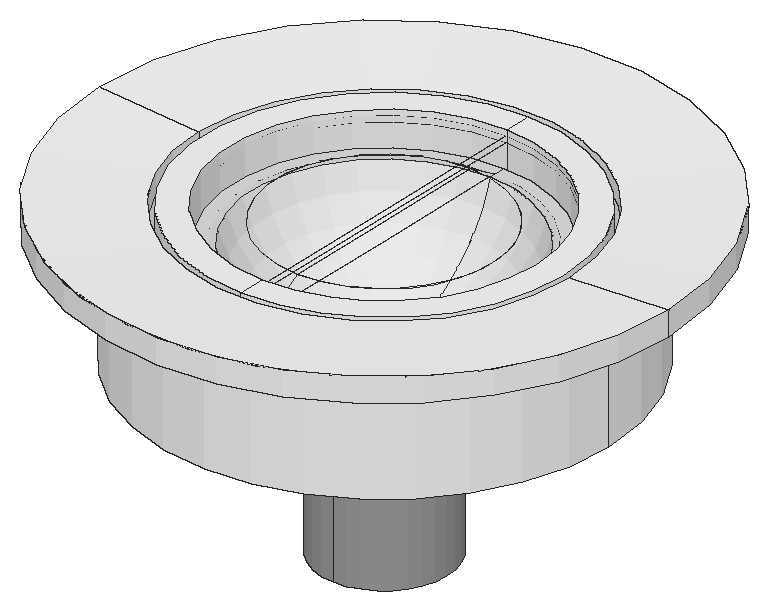
Revit family "3001764 Sylvania Lighting Fixture INS TR IP44 REFLED ES50 36° WH WW DIM", category Lighting Fixtures, host Face, Revit 2016
Family settings
  Host = Face
  Part Type = Normal
  Round Connector Dimension = Use Diameter
  OmniClass Number = 23.80.70.00
  OmniClass Title = Lighting
  Cut with Voids When Loaded = No
  Light Source = No
  Shared = No
  Room Calculation Point = No
Parameters (values of type "3001764 INS TR IP44 REFLED ES50 36° WH WW DIM")
  Weight = "6.72 kg"
  Wattage Comments = ""
  WarrantyStartDate [instance] = "n/a"
  WarrantyGuarantorParts = "n/a"
  WarrantyDurationUnit = "n/a"
  WarrantyDurationParts = "n/a"
  WarrantyDescription = "n/a"
  Voltage = 230 V
  URL = "http://www.sylvania-lighting.com"
  TypeName = "INS TR IP44 REFLED ES50 36° WH WW DIM"
  TypeHead_SYL = Inset Adjustable Head : 3001764 INS TR IP44 REFLED ES50 36° WH WW DIM
  Type Image = <None>
  Type Comments = "n/a"
  TiltAngle_SYL [instance] = 0.00°
  SerialNumber [instance] = "n/a"
  RadiusTrimIn_SYL = if(IP44Version_SYL, 31 mm, 28.5 mm)  # 31 mm
  Material_3_FEILO = none
  PowerFactor = 0
  PowerConsumption = "6 W"
  NominalLength = 95 mm
  NominalHeight = 100 mm
  NominalDepth = 95 mm
  Name = "INS TR IP44 REFLED ES50 36° WH WW DIM"
  ModelReference = Name  # "INS TR IP44 REFLED ES50 36° WH WW DIM"
  ModelNumber = "3001764"
  Model = Name  # "INS TR IP44 REFLED ES50 36° WH WW DIM"
  Material = "aluminium housing, plastic diffuser"
  ManufacturerName = "Feilo Sylvania"
  Manufacturer = "Feilo Sylvania"
  LuminousEfficacy = "57.5 lm/W"
  LuminaireType = ""
  LightOutputRatio = "100"
  LampsType = Lamp  # "LED"
  LampNominalLuminous = "345 lm"
  LampMacAdamStep = "n/a"
  LampColourTemperature = "3000 K"
  LampColourRenderingIndex = "80"
  Lamp = "LED"
  IP44Version_SYL = yes
  Keynote = "16500"
  InstallationDate [instance] = "n/a"
  InputVoltage = "220-240V~"
  InputNominalFrequency = "n/a"
  IngressProtection = "IP20/44"
  ImpactProtectionIndex = "IK02"
  IfcExportType = "IfcLightFixtureType"
  IfcExportAs = "IfcLightFixtureType"
  HeightTrim_SYL = if(IP44Version_SYL, 4 mm, 2.5 mm)  # 4 mm
  ExpectedLife = 50000
  EndAngle_SYL [instance] = TiltAngle_SYL + 180.00°  # 180.00°
  ElectricShockClassification = "n/a"
  DurationUnit = "hours"
  DocumentationLiterature = "http://www.sylvania-lighting.com/product/en-int/products/3001764"
  DimmingControlOptions = "Dimmable"
  Material_2_FEILO = none
  RadiusTrim_SYL = if(IP44Version_SYL, 47.5 mm, 41.5 mm)  # 47.5 mm
  Description = ""
  Default Elevation = 1219.2 mm
  CreatedOn = "6/19/2018"
  CreatedBy = "aron.fodor@sylvania-lighting.com"
  Cost = 0
  built-in parameter 1114216 [instance] = (empty or 0)
  ClassificationValue = "EF_70_80"
  ClassificationName = "Uniclass2015"
  Material_1_FEILO = Body-Sylvania-Inset-White
  BarCode [instance] = "n/a"
  AssetType = "Fixed"
  AssetIdentifier [instance] = "n/a"
  Assembly Code = "D5020200"
  Apparent Load = 6 VA
  Material_4_FEILO = none
Reference planes
  plane 1 "Center (Front/Back)": y = 0
  plane 2: z = 0
  plane 3 "Center (Left/Right)": x = 0
  plane 4: x = -31
  plane 5: x = -37.5
  plane 6: z = -150
  plane 7: x = -47.5
  plane 8: z = 4
  plane 9: z = -20
  plane 10: x = -34.5
  plane 11: z = -3.5
  plane 12: z = 3
Forms (mm)
  Revolve 1, void
    sketch origin (0, 0, 0) x (1, 0, 0) y (0, 0, 1)
      loop
        line (0, 0) -> (-37.5, 0) -> (-37.5, -150) -> (0, -150) -> (0, 0)
      axis (0, 0) -> (0, -150)
    angle from 360 to 0
  Revolve 2, solid, material "Body-Sylvania-Inset-White" <- "Material_1_FEILO"
    sketch origin (0, 0, 0) x (1, 0, 0) y (0, 0, 1)
      loop
        line (-31, 3) -> (-47.5, 4) -> (-47.5, 0) -> (-37.5, 0) -> (-37.5, -20) -> (-34.5, -20) -> (-34.5, 0) -> (-31, 0) -> (-31, 3)
      axis (0, 4) -> (0, -20)
    angle from 360 to 0
  Revolve 3, solid, not visible
    sketch origin (1223.4, -4572, -3.5) x (0, -1, 0) y (1, 0, 0)
      loop
        line (-4572, -1223.4) -> (-4578.789, -1223.4) -> (-4578.789, -1240.239) -> (-4572, -1240.239) -> (-4572, -1223.4)
      axis (-4572, -1223.4) -> (-4572, -1240.239)
    angle from 0 <- "TiltAngle_SYL" to 180 <- "EndAngle_SYL"
Dimensions and locks
  locked: plane 2 to plane 6 at 150
  "HeightTrim_SYL": plane 8 to plane 2
  "RadiusTrim_SYL": plane 3 "Center (Left/Right)" to plane 7
  locked: plane 3 "Center (Left/Right)" to plane 5 at 37.5
  locked: plane 8 to plane 9 at 24
  locked: plane 10 to plane 5 at 3
  "RadiusTrimIn_SYL": plane 3 "Center (Left/Right)" to plane 4
  locked: plane 8 to plane 11 at 7.5
  locked: plane 8 to plane 12 at 1
  aligned and locked: plane 2 to host face
  aligned and locked: level to host face
  aligned and locked: Revolve 1 sketch curve to plane 3 "Center (Left/Right)"
  aligned and locked: level to Revolve 1 sketch curve
  aligned and locked: plane 3 "Center (Left/Right)" to Revolve 1 sketch curve
  aligned and locked: Revolve 1 sketch curve to plane 5
  aligned and locked: Revolve 1 sketch curve to plane 6
  aligned and locked: plane 4 to Revolve 2 sketch curve  (x2)
  aligned and locked: Revolve 2 sketch curve to plane 7
  aligned and locked: Revolve 2 sketch curve to level  (x2)
  aligned and locked: Revolve 2 sketch curve to plane 5
  aligned and locked: plane 9 to Revolve 2 sketch curve
  aligned and locked: plane 10 to Revolve 2 sketch curve
  aligned and locked: Revolve 3 sketch curve to plane 1 "Center (Front/Back)"
  aligned and locked: Revolve 3 sketch curve to Revolve 3 sketch curve
  aligned and locked: plane 3 "Center (Left/Right)" to Revolve 3 sketch curve
  aligned and locked: plane 12 to Revolve 2 sketch curve
  aligned and locked: plane 3 "Center (Left/Right)" to nested 1
Automatic sketch dimensions
  host sketch curve to host sketch curve = 2438.4 mm  (x2)
  Revolve 1 sketch curve to plane 6 = 459.6 mm
  Revolve 1 sketch curve to plane 8 = 2606.558 mm
  Revolve 2 sketch curve to plane 3 "Center (Left/Right)" = 0 mm
  Revolve 2 sketch curve to plane 6 = 459.6 mm
  Revolve 2 sketch curve to plane 8 = 2606.558 mm
  Revolve 3 sketch curve to plane 1 "Center (Front/Back)" = 6.789 mm
  plane 4 to Revolve 3 sketch curve = 14.161 mm
  Revolve 3 sketch curve to plane 7 = 1476.5 mm
  plane 3 "Center (Left/Right)" to Revolve 3 sketch curve = 1524 mm
  Revolve 2 sketch curve to plane 8 = 0 mm
Nested families
  nested 1: "Inset Adjustable Head" at (0, 0, -3.5) x (0, 1, 0) z (0, 0, 1), type <- "TypeHead_SYL", type "3001764 INS TR IP44 REFLED ES50 36° WH WW DIM"
    with built-in parameter 1114216 (empty or 0)
Connectors
  electrical at (0, 0, 0), driven by "Apparent Load", driven by "PowerFactor", driven by "Voltage"
    settings: index 1, voltage 230 V, apparent load 6 VA, apparent load phase1 0 VA, apparent load phase2 0 VA, apparent load phase3 0 VA, power factor 0, load classification "Lighting", number of poles 1, system type 30, power factor state 1, is connector primary yes, connector utility no, sub classification motor no, connector description ""
Definition of nested family "Inset Adjustable Head"
  Parameters (values of type "3001779 INSET TREND SW WH REF SUPV3 40° NW DIM")
    Wattage Comments = "n/a"
    Wattage = 6 W
    built-in parameter 1150110 = 1 (stored number, unit not read)
    URL = "http://www.sylvania-lighting.com"
    Type Image = (empty or 0)
    Type Comments = "n/a"
    built-in parameter 1114217 = 1 (stored number, unit not read)
    Tilt Angle = -90.00°
    built-in parameter 1150109 = 1 (stored number, unit not read)
    built-in parameter 1150134 = 12
    built-in parameter 1150113 = 1 (stored number, unit not read)
    RadiusOut_SYL = if(L_SYL, 30 mm, 27.5 mm)  # 27.5 mm
    Photometric Web File = "0027936.ies"
    Material_5_SYL = none
    Material_3_SYL = none
    Model = "INSET TREND SW WH REF SUPV3 40° NW DIM"
    Manufacturer = "Feilo Sylvania"
    built-in parameter 1150105 = 266.2 (stored number, unit not read)
    Lumens = 414 lm
    built-in parameter 1150115 = 1 (stored number, unit not read)
    built-in parameter 1150137 = (empty or 0)
    built-in parameter 1150139 = (empty or 0)
    built-in parameter 1150112 = 1 (stored number, unit not read)
    built-in parameter 1150114 = 1 (stored number, unit not read)
    Lamp = "LED"
    L_SYL = no
    Keynote = "16500"
    Material_2_SYL = none
    built-in parameter 1150132 = (empty or 0)
    built-in parameter 1150102 = (empty or 0)
    built-in parameter 1150107 = 4000 (stored number, unit not read)
    built-in parameter 1150138 = (empty or 0)
    built-in parameter 1150106 = 2.662 (stored number, unit not read)
    Emit from Circle Diameter = 40 mm
    Emit Shape Visible in Rendering = no
    built-in parameter 1150104 = 6.4103 (stored number, unit not read)
    Dimming Lamp Color Temperature Shift = (empty or 0)
    Description = "GU10 Housing with LED lamp included, Ideal for indoor application, Loop in - loop out box included"
    Default Elevation = 1219.2 mm
    Cost = 0
    Color Filter = 16777215
    built-in parameter 1114216 [instance] = (empty or 0)
    Material_1_SYL = none
    built-in parameter 1114218 = 1 (stored number, unit not read)
    built-in parameter 1150133 = 10 (stored number, unit not read)
    Assembly Code = "D5020200"
    Apparent Load = 6 VA
    Material_4_SYL = none
  Types (16, lengths in mm): name | Wattage | built-in parameter 1150134 | RadiusOut_SYL | Photometric Web File | Model | built-in parameter 1150105 | Lumens | L_SYL | built-in parameter 1150107 | built-in parameter 1150106 | built-in parameter 1150104 | Description | Apparent Load
    3001779 INSET TREND SW WH REF SUPV3 40° NW DIM | 6 W | 12 | 27.5 | "0027936.ies" | "INSET TREND SW WH REF SUPV3 40° NW DIM" | 266.2 (stored number, unit not read) | 414 lm | no | 4000 (stored number, unit not read) | 2.662 (stored number, unit not read) | 6.4103 (stored number, unit not read) | "GU10 Housing with LED lamp included, Ideal for indoor application, Loop in - loop out box included" | 6 VA
    3001778 INSET TREND SW WH REF SUPV3 40° WW DIM | 6 W | (empty or 0) | 27.5 | "0027934.ies" | "INSET TREND SW WH REF SUPV3 40° WW DIM" | 248.03 (stored number, unit not read) | 402 lm | no | 3000 (stored number, unit not read) | 2.4803 (stored number, unit not read) | 6.2245 (stored number, unit not read) | "GU10 Housing with LED lamp included, Ideal for indoor application, Loop in - loop out box included" | 6 VA
    3001775 INSET TREND SW IP44 WH REF SUPV3 40° NW | 5 W | 12 | 30 | "0027930.ies" | "INSET TREND SW IP44 WH REF SUPV3 40° NW" | 244.34 (stored number, unit not read) | 380 lm | yes | 4000 (stored number, unit not read) | 2.4434 (stored number, unit not read) | 7.0606 (stored number, unit not read) | "GU10 Housing with LED lamp included, Ideal for indoor application, Loop in - loop our box included" | 5 VA
    3001774 INSET TREND SW IP44 WH REF SUPV3 40° WW | 5 W | (empty or 0) | 30 | "0027928.ies" | "INSET TREND SW IP44 WH REF SUPV3 40° WW" | 228.29 (stored number, unit not read) | 370 lm | yes | 3000 (stored number, unit not read) | 2.2829 (stored number, unit not read) | 6.8748 (stored number, unit not read) | "GU10 Housing with LED lamp included, Ideal for indoor application, Loop in - loop out box included" | 5 VA
    3001773 INSET TREND SW BA REF SUPV3 40° NW | 5 W | 12 | 27.5 | "0027930.ies" | "INSET TREND SW BA REF SUPV3 40° NW" | 244.34 (stored number, unit not read) | 380 lm | no | 4000 (stored number, unit not read) | 2.4434 (stored number, unit not read) | 7.0606 (stored number, unit not read) | "GU10 Housing with LED lamp included, Ideal for indoor application, Loop in - loop out box included" | 5 VA
    3001772 INSET TREND SW BA REF SUPV3 40° WW | 5 W | (empty or 0) | 27.5 | "0027928.ies" | "INSET TREND SW BA REF SUPV3 40° WW" | 228.29 (stored number, unit not read) | 370 lm | no | 3000 (stored number, unit not read) | 2.2829 (stored number, unit not read) | 6.8748 (stored number, unit not read) | "GU10 Housing with LED lamp included, Ideal for indoor application, Loop in - loop out box included" | 5 VA
    3001771 INSET TREND SW WH REF SUPV3 40°NW | 5 W | 12 | 27.5 | "0027930.ies" | "INSET TREND SW WH REF SUPV3 40°NW" | 244.34 (stored number, unit not read) | 380 lm | no | 4000 (stored number, unit not read) | 2.4434 (stored number, unit not read) | 7.0606 (stored number, unit not read) | "GU10 Housing with LED lamp included, Ideal for indoor application, Loop in - loop out box included" | 5 VA
    3001770 INSET TREND SW WH REF SUPV3 40°WW | 5 W | (empty or 0) | 27.5 | "0027928.ies" | "INSET TREND SW WH REF SUPV3 40°WW" | 228.29 (stored number, unit not read) | 370 lm | no | 3000 (stored number, unit not read) | 2.2829 (stored number, unit not read) | 6.8748 (stored number, unit not read) | "GU10 Housing with LED lamp included, Ideal for indoor application, Loop in - loop out box included" | 5 VA
    3001767 INSTR SW IP44 REFLED BA NW DIM | 6 W | 12 | 30 | "0027928.ies" | "INSTR SW IP44 REFLED BA NW DIM" | 212.87 (stored number, unit not read) | 345 lm | yes | 4000 (stored number, unit not read) | 2.1287 (stored number, unit not read) | 5.3419 (stored number, unit not read) | "" | 6 VA
    3001766 INSTR SW IP44 REFLED BA WW DIM | 6 W | (empty or 0) | 30 | "0027928.ies" | "INSTR SW IP44 REFLED BA WW DIM" | 212.87 (stored number, unit not read) | 345 lm | yes | 3000 (stored number, unit not read) | 2.1287 (stored number, unit not read) | 5.3419 (stored number, unit not read) | "" | 6 VA
    3001765 INS TR IP44 REFLED ES50 36° WH NW DIM | 6 W | 12 | 30 | "0027928.ies" | "INS TR IP44 REFLED ES50 36° WH NW DIM" | 212.87 (stored number, unit not read) | 345 lm | yes | 4000 (stored number, unit not read) | 2.1287 (stored number, unit not read) | 5.3419 (stored number, unit not read) | "" | 6 VA
    3001764 INS TR IP44 REFLED ES50 36° WH WW DIM | 6 W | (empty or 0) | 30 | "0027928.ies" | "INS TR IP44 REFLED ES50 36° WH WW DIM" | 212.87 (stored number, unit not read) | 345 lm | yes | 3000 (stored number, unit not read) | 2.1287 (stored number, unit not read) | 5.3419 (stored number, unit not read) | "" | 6 VA
    3001763 INS TR SW REFLED ES50 36° BA NW DIM | 6 W | 12 | 27.5 | "0027928.ies" | "INS TR SW REFLED ES50 36° BA NW DIM" | 212.87 (stored number, unit not read) | 345 lm | no | 4000 (stored number, unit not read) | 2.1287 (stored number, unit not read) | 5.3419 (stored number, unit not read) | "" | 6 VA
    3001762 INS TR SW REFLED ES50 36° BN WW DIM | 6 W | (empty or 0) | 27.5 | "0027928.ies" | "INS TR SW REFLED ES50 36° BN WW DIM" | 212.87 (stored number, unit not read) | 345 lm | no | 3000 (stored number, unit not read) | 2.1287 (stored number, unit not read) | 5.3419 (stored number, unit not read) | "" | 6 VA
    3001761 INS TR SW REFLED ES50 36° WH NW DIM | 6 W | 12 | 27.5 | "0027928.ies" | "INS TR SW REFLED ES50 36° WH NW DIM" | 212.87 (stored number, unit not read) | 345 lm | no | 4000 (stored number, unit not read) | 2.1287 (stored number, unit not read) | 5.3419 (stored number, unit not read) | "" | 6 VA
    3001760 INS TR SW REFLED ES50 36° WH WW DIM | 6 W | (empty or 0) | 27.5 | "0027928.ies" | "INS TR SW REFLED ES50 36° WH WW DIM" | 212.87 (stored number, unit not read) | 345 lm | no | 3000 (stored number, unit not read) | 2.1287 (stored number, unit not read) | 5.3419 (stored number, unit not read) | "" | 6 VA
  Reference planes
    plane 1 "Center (Front/Back)": y = 0
    plane 2: z = 0
    plane 3 "Center (Left/Right)": x = 0
    plane 4: x = -25
    plane 5: x = -22
    plane 6: x = -25.5
    plane 7: x = -27.5
    plane 8: z = -15.5
    plane 9: z = 6.5
    plane 10: z = 1
    plane 11: z = 4
    plane 12: x = -18
    plane 13: z = -0.8
    plane 14: x = -23
    plane 15: z = -45.3
    plane 16: z = -23.6
    plane 17: x = -10.5
    plane 18: z = 5.656
    plane 19: z = 4.656
  Forms (mm)
    Extrusion 1, solid
      sketch origin (4.2, 0, 0) x (1, 0, 0) y (0, 1, 0)
        loop
          line (-1219.2, 1219.2) -> (-1219.2, -1219.2) -> (1219.2, -1219.2) -> (1219.2, 1219.2) -> (-1219.2, 1219.2)
      from 0 to -68.017
    Revolve 2, solid, material <- "Material_4_SYL"
      sketch origin (0, 0, 0) x (1, 0, 0) y (0, 0, 1)
        loop
          line (-27.5, 6.5) -> (-27.5, -15.5) -> (-25.5, -15.5) -> (-25.5, 6.5) -> (-27.5, 6.5)
        axis (0, 6.5) -> (0, -15.5)
      angle from 360 to 0
    Revolve 3, solid
      sketch origin (0, 0, 0) x (1, 0, 0) y (0, 0, 1)
        loop
          line (-22, 1) -> (-25, 1) -> (-25, -0.8) -> (-23, -0.8)
          arc (-23, -0.8) -> (-19.516, -12.494) -> (-12.128, -22.205) r 34
          arc (-12.128, -22.205) -> (-10.925, -23.879) -> (-10.5, -25.897) r 5
          line (-10.5, -25.897) -> (-10.5, -45.3) -> (0, -45.3) -> (0, -15.5)
          arc (0, -15.5) -> (-13.75, -10.917) -> (-22, 1) r 22.917
        axis (0, 1) -> (0, -45.3)
      angle from 360 to 0
    Revolve 4, solid, material <- "Material_2_SYL"
      sketch origin (0, 0, 0) x (1, 0, 0) y (0, 0, 1)
        loop
          line (-23, 1) -> (0, 1) -> (0, 4) -> (-18, 4) -> (-23, 1)
        axis (0, 4) -> (0, 1)
      angle from 360 to 0
    Revolve 5, solid, material <- "Material_2_SYL", visible <- "L_SYL"
      sketch origin (0, 0, 0) x (1, 0, 0) y (0, 0, 1)
        loop
          line (-25.5, 5.656) -> (-25.5, 4.656) -> (0, 4.656) -> (0, 5.656) -> (-25.5, 5.656)
        axis (0, 5.656) -> (0, 4.656)
      angle from 360 to 0
  Dimensions and locks
    locked: plane 2 to plane 8 at 15.5
    locked: plane 9 to plane 8 at 22
    "RadiusOut_SYL": plane 3 "Center (Left/Right)" to plane 7
    locked: plane 3 "Center (Left/Right)" to plane 4 at 25
    locked: plane 9 to plane 10 at 5.5
    locked: plane 11 to plane 10 at 3
    locked: plane 12 to plane 5 at 4
    locked: plane 10 to plane 13 at 1.8
    locked: plane 14 to plane 4 at 2
    locked: plane 11 to plane 16 at 27.6
    locked: plane 11 to plane 15 at 49.3
    locked: plane 3 "Center (Left/Right)" to plane 17 at 10.5
    locked: plane 5 to plane 4 at 3
    locked: plane 3 "Center (Left/Right)" to plane 6 at 25.5
    locked: plane 18 to plane 19 at 1
    locked: plane 9 to plane 18 at 0.844
    radius of Revolve 3 sketch curve = 34 mm
    radius of Revolve 3 sketch curve = 22.917 mm
    aligned and locked: plane 2 to Extrusion 1
    aligned and locked: level to Extrusion 1
    aligned and locked: Revolve 2 sketch curve to plane 3 "Center (Left/Right)"
    aligned and locked: Revolve 2 sketch curve to plane 9
    aligned and locked: plane 7 to Revolve 2 sketch curve
    aligned and locked: plane 8 to Revolve 2 sketch curve
    aligned and locked: Revolve 2 sketch curve to plane 6
    aligned and locked: Revolve 3 sketch curve to plane 3 "Center (Left/Right)"  (x2)
    aligned and locked: plane 10 to Revolve 3 sketch curve
    aligned and locked: Revolve 3 sketch curve to plane 4
    aligned and locked: plane 14 to Revolve 3 sketch curve
    aligned and locked: Revolve 3 sketch curve to plane 13
    aligned and locked: plane 15 to Revolve 3 sketch curve
    aligned and locked: Revolve 3 sketch curve to plane 17
    aligned and locked: plane 5 to Revolve 3 sketch curve
    aligned and locked: Revolve 4 sketch curve to plane 3 "Center (Left/Right)"  (x2)
    aligned and locked: plane 14 to Revolve 4 sketch curve
    aligned and locked: plane 12 to Revolve 4 sketch curve
    aligned and locked: Revolve 4 sketch curve to plane 11
    aligned and locked: Revolve 4 sketch curve to plane 10
    aligned and locked: plane 11 to imposter light
    aligned and locked: Revolve 5 sketch curve to plane 3 "Center (Left/Right)"  (x2)
    aligned and locked: Revolve 5 sketch curve to plane 18
    aligned and locked: plane 6 to Revolve 5 sketch curve
    aligned and locked: plane 19 to Revolve 5 sketch curve
  Automatic sketch dimensions
    Extrusion 1 sketch curve to Extrusion 1 sketch curve = 2438.4 mm  (x2)
    Revolve 2 sketch curve to plane 15 = 564.3 mm
    plane 9 to Revolve 2 sketch curve = 2602.558 mm
    plane 12 to Revolve 3 sketch curve = 2.5 mm
    Revolve 3 sketch curve to plane 11 = 1.097 mm
    Revolve 3 sketch curve to plane 16 = 2.297 mm
    Revolve 3 sketch curve to plane 15 = 564.3 mm
    Revolve 3 sketch curve to Revolve 3 sketch curve = 2601.641 mm
    Revolve 4 sketch curve to plane 15 = 564.3 mm
    plane 9 to Revolve 4 sketch curve = 2602.558 mm
    Revolve 5 sketch curve to plane 15 = 564.3 mm
    plane 9 to Revolve 5 sketch curve = 2602.558 mm
